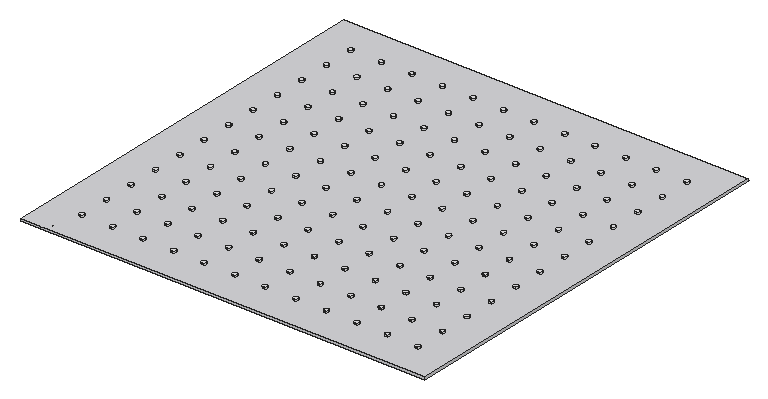
Revit family "Shower-Showerhead-KOHLER-Katalyst-K-9301M_1", category Plumbing Fixtures, host Face, Revit 2017
Family settings
  Host = Face
  Round Connector Dimension = Use Diameter
  Part Type = Normal
  OmniClass Number = 23.31.17.00
  OmniClass Title = Showers
  Cut with Voids When Loaded = No
  Shared = No
  Room Calculation Point = No
Parameters (values of type "CP-Polished Chrome")
  Width = 15 15/128"  # constant formula
  WaterSense Certified = 1 = 0  # no
  Waste Water Outlet = "Waste Water Outlet"  # constant formula
  Waste Connection = 1 = 0  # no
  Vent Connection = 1 = 0  # no
  URL = "https://la.kohler.com/es?country=MX"
  Type = 1
  Tempered Water Inlet = "Tempered Water Inlet"  # constant formula
  Product Page URL = "https://la.kohler.com/es/product-detail/9301m-cl?skuid=K-9301M-CL-CP"
  Product Name = "Katalyst"  # constant formula
  Product Documentation Link = "http://resources.kohler.com/plumbing/kohlerla/pdf/9301M-CL%20Katalyst%20Air%20Showerhead%20Install%20Guide.pdf"
  Pressure = 0.00 psi
  Panel Thickness = 0"
  Model = "K-9301M-CL-CP"  # constant formula
  Material = "Premium Metal Construction"  # constant formula
  Master Format 2014 Name = "Residential Showers"  # constant formula
  Master Format 2014 = "22 42 23"  # constant formula
  Manufacturer Address = "KOHLER Co.444 Highland Dr. Kohler, WI 53044"  # constant formula
  Manufacturer = "KOHLER Co."  # constant formula
  Length = 15 15/128"  # constant formula
  Hot Water Inlet = "Hot Water Inlet"  # constant formula
  Height = 2 103/256"  # constant formula
  HW Connection = 1 = 1  # yes
  Flow Rate = 0 GPM
  Finish = Kohler-Metal-CP-Polished_Chrome
  Environmental Product Declaration = ""
  Drain Included = 1 = 0  # no
  Description = "Air shower head"  # constant formula
  Default Elevation = 0"
  Declare Label = ""
  Date Modified = "11/05/2020"  # constant formula
  Date Created = "11/05/2020"  # constant formula
  Copyright = "Copyright KOHLER Co."  # constant formula
  Contact Us = "https://la.kohler.com/es/contact-us-page"
  Cold Water Inlet = "Cold Water Inlet"  # constant formula
  CW Connection = 1 = 0  # no
  Assembly Code = "D2010700"
  ADA Compliant = 1 = 0  # no
Reference planes (in)
  plane 1 "Center (Front/Back)": y = 0
  plane 2: z = 0
  plane 3 "Center (Left/Right)": x = 0
  plane 4: y = 7.55906
  plane 5: z = 2.40234
  plane 6: y = -7.55813
  plane 7: y = 0.49606
  plane 8: y = -0.49606
  plane 9: x = -0.49609
  plane 10: x = 0.49609
  plane 11: x = -7.55906
  plane 12: x = 7.55813
Dimensions and locks (in)
  "Width": plane 11 to plane 12
  "Length": plane 6 to plane 4
  "Height": plane 5 to level
  aligned and locked: plane 2 to host face
  aligned and locked: level to host face
Automatic sketch dimensions
  host sketch curve to host sketch curve = 96"  (x2)
Nested families (in)
  nested 1: "K-9301M" at (0, 0, 0), type "K-9301M"
Connectors (in)
  piping at (0, 0, 0), diameter 0.5, driven by "HW Connection", driven by "Tempered Water Inlet"
    settings: on nested 1, index 1, connector inside diameter 24", connector length 0", flow factor 0, pipe flow 0 GPM, pressure drop 0.00 psi, fitting loss kfactor 0, connector angle 0.00°, fixture units 0, engagement length 0", angle of deflection 0.00°, flow configuration 0, flow direction 1, fitting loss method 0, system type 19, joint type 0, gender type 0, connector reference index -1, connector utility 1, adjustable connector no, is connector primary yes, connector description "Tempered Water Inlet"
Definition of nested family "K-9301M"
  Parameters (values of type "K-9301M")
    Material = none
  Reference planes (in)
    plane 1 "Center (Front/Back)": y = 0
    plane 2: z = 0
    plane 3 "Center (Left/Right)": x = 0
    plane 4: y = 0.49606
    plane 5: y = -0.49606
    plane 6: z = 2.40159
    plane 7: y = 7.55906
    plane 8: y = -7.55906
    plane 9: x = -7.55906
    plane 10: x = 7.55906
    plane 11: x = -0.49609
    plane 12: x = 0.49609
  Forms (in)
    Revolve 1, solid, material <- "Material", detail levels medium+fine
      sketch origin (0, 0, 0) x (0, 1, 0) y (0, 0, 1)
        loop
          line (0, 0) -> (0, 2.06693) -> (-0.7185, 2.06693) -> (-0.7185, 0.98819) -> (-0.44205, 0.98819)
          arc (-0.44205, 0.98819) -> (-0.3934, 0.92375) -> (-0.33489, 0.86809) r 0.49361
          arc (-0.33489, 0.86809) -> (-0.30972, 0.80361) -> (-0.3526, 0.74926) r 0.06965
          arc (-0.3526, 0.74926) -> (-0.45684, 0.665) -> (-0.49606, 0.53684) r 0.22899
          line (-0.49606, 0.53684) -> (-0.49606, 0.01986)
          arc (-0.49606, 0.01986) -> (-0.49025, 0.00582) -> (-0.4762, 0) r 0.01986
          line (-0.4762, 0) -> (0, 0)
        axis (0, 2.06693) -> (0, 0)
      angle from 0 to 360
    Extrusion 2, solid, material <- "Material", detail levels medium+fine
      sketch origin (0, 0, 0) x (0, 1, 0) y (0, 0, 1)
        loop
          line (6.92913, 2.32283) -> (-6.92913, 2.32283) -> (-6.92913, 2.12297)
          arc (-6.92913, 2.12297) -> (-6.91272, 2.08334) -> (-6.8731, 2.06693) r 0.05604
          line (-6.8731, 2.06693) -> (6.8731, 2.06693)
          arc (6.8731, 2.06693) -> (6.91272, 2.08334) -> (6.92913, 2.12297) r 0.05604
          line (6.92913, 2.12297) -> (6.92913, 2.32283)
      from -6.92913 to 6.92913
    Extrusion 3, solid, material <- "Material", detail levels medium+fine
      sketch origin (0, 0, 0) x (1, 0, 0) y (0, 0, 1)
        loop
          line (-7.55906, 2.32283) -> (7.55906, 2.32283) -> (7.55906, 2.40159) -> (-7.55906, 2.40159) -> (-7.55906, 2.32283)
      from -7.55906 to 7.55906
    Extrusion 4, solid, detail levels medium+fine
      sketch origin (0, 0, 0) x (1, 0, 0) y (0, 1, 0)
        loop
          circle (-0.57052, 6.28093) r 0.08381
        loop
          circle (-1.71358, 6.28093) r 0.08381
        loop
          circle (-2.85405, 6.28093) r 0.08381
        loop
          circle (-4.00018, 6.28093) r 0.08381
        loop
          circle (-5.13738, 6.28093) r 0.08381
        loop
          circle (-6.28188, 6.28093) r 0.08381
        loop
          circle (-6.28188, 5.13698) r 0.08381
        loop
          circle (-5.13743, 5.13698) r 0.08381
        loop
          circle (-3.99214, 5.13698) r 0.08381
        loop
          circle (-2.8546, 5.13698) r 0.08381
        loop
          circle (-1.71395, 5.13698) r 0.08381
        loop
          circle (-0.5698, 5.13698) r 0.08381
        loop
          circle (-0.5698, 3.98727) r 0.08381
        loop
          circle (-1.71268, 3.98727) r 0.08381
        loop
          circle (-2.85685, 3.98727) r 0.08381
        loop
          circle (-3.99496, 3.98727) r 0.08381
        loop
          circle (-5.13601, 3.98727) r 0.08381
        loop
          circle (-6.27903, 3.98727) r 0.08381
        loop
          circle (-6.27903, 2.84953) r 0.08381
        loop
          circle (-5.13782, 2.84953) r 0.08381
        loop
          circle (-3.99267, 2.84953) r 0.08381
        loop
          circle (-2.85369, 2.84953) r 0.08381
        loop
          circle (-1.70991, 2.84953) r 0.08381
        loop
          circle (-0.57088, 2.84953) r 0.08381
        loop
          circle (-0.57088, 1.70925) r 0.08381
        loop
          circle (-1.71034, 1.70925) r 0.08381
        loop
          circle (-2.85346, 1.70925) r 0.08381
        loop
          circle (-3.99568, 1.70925) r 0.08381
        loop
          circle (-5.13657, 1.70925) r 0.08381
        loop
          circle (-6.27901, 1.70925) r 0.08381
        loop
          circle (-6.27901, 0.56971) r 0.08381
        loop
          circle (-5.13921, 0.56971) r 0.08381
        loop
          circle (-3.9962, 0.56971) r 0.08381
        loop
          circle (-2.84787, 0.56971) r 0.08381
        loop
          circle (-1.70725, 0.56971) r 0.08381
        loop
          circle (-0.57244, 0.56971) r 0.08381
        loop
          circle (-0.57244, -0.5744) r 0.08381
        loop
          circle (-1.71575, -0.5744) r 0.08381
        loop
          circle (-2.85712, -0.5744) r 0.08381
        loop
          circle (-3.99316, -0.5744) r 0.08381
        loop
          circle (-5.1314, -0.5744) r 0.08381
        loop
          circle (-6.27895, -0.5744) r 0.08381
        loop
          circle (-0.57052, -6.28093) r 0.08381
        loop
          circle (-1.71358, -6.28093) r 0.08381
        loop
          circle (-2.85405, -6.28093) r 0.08381
        loop
          circle (-4.00018, -6.28093) r 0.08381
        loop
          circle (-5.13738, -6.28093) r 0.08381
        loop
          circle (-6.28188, -6.28093) r 0.08381
        loop
          circle (-6.28188, -5.13698) r 0.08381
        loop
          circle (-5.13743, -5.13698) r 0.08381
        loop
          circle (-3.99214, -5.13698) r 0.08381
        loop
          circle (-2.8546, -5.13698) r 0.08381
        loop
          circle (-1.71395, -5.13698) r 0.08381
        loop
          circle (-0.5698, -5.13698) r 0.08381
        loop
          circle (-0.5698, -3.98727) r 0.08381
        loop
          circle (-1.71268, -3.98727) r 0.08381
        loop
          circle (-2.85685, -3.98727) r 0.08381
        loop
          circle (-3.99496, -3.98727) r 0.08381
        loop
          circle (-5.13601, -3.98727) r 0.08381
        loop
          circle (-6.27903, -3.98727) r 0.08381
        loop
          circle (-6.27903, -2.84953) r 0.08381
        loop
          circle (-5.13782, -2.84953) r 0.08381
        loop
          circle (-3.99267, -2.84953) r 0.08381
        loop
          circle (-2.85369, -2.84953) r 0.08381
        loop
          circle (-1.70991, -2.84953) r 0.08381
        loop
          circle (-0.57088, -2.84953) r 0.08381
        loop
          circle (-0.57088, -1.70925) r 0.08381
        loop
          circle (-1.71034, -1.70925) r 0.08381
        loop
          circle (-2.85346, -1.70925) r 0.08381
        loop
          circle (-3.99568, -1.70925) r 0.08381
        loop
          circle (-5.13657, -1.70925) r 0.08381
        loop
          circle (-6.27901, -1.70925) r 0.08381
        loop
          circle (0.57052, 6.28093) r 0.08381
        loop
          circle (1.71358, 6.28093) r 0.08381
        loop
          circle (2.85405, 6.28093) r 0.08381
        loop
          circle (4.00018, 6.28093) r 0.08381
        loop
          circle (5.13738, 6.28093) r 0.08381
        loop
          circle (6.28188, 6.28093) r 0.08381
        loop
          circle (6.28188, 5.13698) r 0.08381
        loop
          circle (5.13743, 5.13698) r 0.08381
        loop
          circle (3.99214, 5.13698) r 0.08381
        loop
          circle (2.8546, 5.13698) r 0.08381
        loop
          circle (1.71395, 5.13698) r 0.08381
        loop
          circle (0.5698, 5.13698) r 0.08381
        loop
          circle (0.5698, 3.98727) r 0.08381
        loop
          circle (1.71268, 3.98727) r 0.08381
        loop
          circle (2.85685, 3.98727) r 0.08381
        loop
          circle (3.99496, 3.98727) r 0.08381
        loop
          circle (5.13601, 3.98727) r 0.08381
        loop
          circle (6.27903, 3.98727) r 0.08381
        loop
          circle (6.27903, 2.84953) r 0.08381
        loop
          circle (5.13782, 2.84953) r 0.08381
        loop
          circle (3.99267, 2.84953) r 0.08381
        loop
          circle (2.85369, 2.84953) r 0.08381
        loop
          circle (1.70991, 2.84953) r 0.08381
        loop
          circle (0.57088, 2.84953) r 0.08381
        loop
          circle (0.57088, 1.70925) r 0.08381
        loop
          circle (1.71034, 1.70925) r 0.08381
        loop
          circle (2.85346, 1.70925) r 0.08381
        loop
          circle (3.99568, 1.70925) r 0.08381
        loop
          circle (5.13657, 1.70925) r 0.08381
        loop
          circle (6.27901, 1.70925) r 0.08381
        loop
          circle (6.27901, 0.56971) r 0.08381
        loop
          circle (5.13921, 0.56971) r 0.08381
        loop
          circle (3.9962, 0.56971) r 0.08381
        loop
          circle (2.84787, 0.56971) r 0.08381
        loop
          circle (1.70725, 0.56971) r 0.08381
        loop
          circle (0.57244, 0.56971) r 0.08381
        loop
          circle (0.57244, -0.5744) r 0.08381
        loop
          circle (1.71575, -0.5744) r 0.08381
        loop
          circle (2.85712, -0.5744) r 0.08381
        loop
          circle (3.99316, -0.5744) r 0.08381
        loop
          circle (5.1314, -0.5744) r 0.08381
        loop
          circle (6.27895, -0.5744) r 0.08381
        loop
          circle (0.57052, -6.28093) r 0.08381
        loop
          circle (1.71358, -6.28093) r 0.08381
        loop
          circle (2.85405, -6.28093) r 0.08381
        loop
          circle (4.00018, -6.28093) r 0.08381
        loop
          circle (5.13738, -6.28093) r 0.08381
        loop
          circle (6.28188, -6.28093) r 0.08381
        loop
          circle (6.28188, -5.13698) r 0.08381
        loop
          circle (5.13743, -5.13698) r 0.08381
        loop
          circle (3.99214, -5.13698) r 0.08381
        loop
          circle (2.8546, -5.13698) r 0.08381
        loop
          circle (1.71395, -5.13698) r 0.08381
        loop
          circle (0.5698, -5.13698) r 0.08381
        loop
          circle (0.5698, -3.98727) r 0.08381
        loop
          circle (1.71268, -3.98727) r 0.08381
        loop
          circle (2.85685, -3.98727) r 0.08381
        loop
          circle (3.99496, -3.98727) r 0.08381
        loop
          circle (5.13601, -3.98727) r 0.08381
        loop
          circle (6.27903, -3.98727) r 0.08381
        loop
          circle (6.27903, -2.84953) r 0.08381
        loop
          circle (5.13782, -2.84953) r 0.08381
        loop
          circle (3.99267, -2.84953) r 0.08381
        loop
          circle (2.85369, -2.84953) r 0.08381
        loop
          circle (1.70991, -2.84953) r 0.08381
        loop
          circle (0.57088, -2.84953) r 0.08381
        loop
          circle (0.57088, -1.70925) r 0.08381
        loop
          circle (1.71034, -1.70925) r 0.08381
        loop
          circle (2.85346, -1.70925) r 0.08381
        loop
          circle (3.99568, -1.70925) r 0.08381
        loop
          circle (5.13657, -1.70925) r 0.08381
        loop
          circle (6.27901, -1.70925) r 0.08381
      from 2.25866 to 2.43036
    Extrusion 5, void
      sketch origin (0, 0, 0) x (0, 1, 0) y (0, 0, 1)
        loop
          line (0.19852, 0.16897) -> (0.19852, 0.53681)
          arc (0.19852, 0.53681) -> (0.18724, 0.58248) -> (0.15601, 0.61766) r 0.09816
          arc (0.15601, 0.61766) -> (0.08169, 0.65443) -> (0, 0.66867) r 0.29005
          arc (0, 0.66867) -> (-0.08169, 0.65443) -> (-0.15601, 0.61766) r 0.29005
          arc (-0.15601, 0.61766) -> (-0.18724, 0.58248) -> (-0.19852, 0.53681) r 0.09816
          line (-0.19852, 0.53681) -> (-0.19852, 0.16897)
          arc (-0.19852, 0.16897) -> (0, 0.12746) -> (0.19852, 0.16897) r 0.49544
      from 0.4315 to 0.68898
    Extrusion 6, void
      sketch origin (0, 0, 0) x (0, 1, 0) y (0, 0, 1)
        loop
          line (-0.20327, 1.46143) -> (-0.20327, 0.98819) -> (0.20551, 0.98819) -> (0.20551, 1.46143) -> (-0.20327, 1.46143)
      from 0.65066 to 1.01107
    Extrusion 7, void
      sketch origin (0, 0, 0) x (0, 1, 0) y (0, 0, 1)
        loop
          arc (0.19852, 0.53684) -> (0.18774, 0.58017) -> (0.15793, 0.61341) r 0.09254
          arc (0.15793, 0.61341) -> (0.0826, 0.65055) -> (0, 0.66575) r 0.30515
          arc (0, 0.66575) -> (-0.0826, 0.65055) -> (-0.15793, 0.61341) r 0.30515
          arc (-0.15793, 0.61341) -> (-0.18932, 0.57706) -> (-0.19825, 0.52987) r 0.09254
          line (-0.19825, 0.52987) -> (-0.19825, 0.16774)
          arc (-0.19825, 0.16774) -> (0.00014, 0.12745) -> (0.19852, 0.16785) r 0.50786
          line (0.19852, 0.16785) -> (0.19852, 0.53684)
      from -0.75336 to -0.46987
    Extrusion 8, void
      sketch origin (0, 0, 0) x (0, 1, 0) y (0, 0, 1)
        loop
          line (0.20386, 1.46462) -> (-0.20426, 1.46462) -> (-0.20426, 0.98819) -> (0.20386, 0.98819) -> (0.20386, 1.46462)
      from -0.91154 to -0.64986
    Revolve 9, solid, material <- "Material", detail levels coarse
      sketch origin (0, 0, 0) x (0, 1, 0) y (0, 0, 1)
        loop
          line (0, 0) -> (0.54127, 0) -> (0.54127, 0.59055)
          arc (0.54127, 0.59055) -> (0.49577, 0.78937) -> (0.54127, 0.98819) r 0.45715
          line (0.54127, 0.98819) -> (0.76119, 0.98819) -> (0.76119, 2.11735) -> (0, 2.11735) -> (0, 0)
        axis (0, 2.11735) -> (0, 0)
      angle from 0 to 360
    Extrusion 10, solid, material <- "Material", detail levels coarse
      sketch origin (0, 0, 0) x (0, 1, 0) y (0, 0, 1)
        loop
          line (0, 2.06693) -> (7.67717, 2.06693) -> (7.67717, 2.53878) -> (0, 2.53878) -> (-7.67717, 2.53878) -> (-7.67717, 2.06693) -> (0, 2.06693)
      from -7.55906 to 7.55906
    Extrusion 11, solid, material <- "Material"
      sketch origin (0, 0, 0) x (1, 0, 0) y (0, 1, 0)
        loop
          circle (0, 0) r 0.11875
      from 0 to 0.07029
  Cuts and joins
    Extrusion 5, Extrusion 6, Extrusion 7, Extrusion 8 cuts Revolve 1
    joined: Revolve 1, Extrusion 2, Extrusion 3
  Lines and regions (in)
    Masking region 1
      outline origin (0, 0, 0) x (0, 1, 0) y (0, 0, 1)
        loop
          line (0, 0) -> (0.47576, 0)
          arc (0.47576, 0) -> (0.49021, 0.00604) -> (0.49606, 0.02056) r 0.0203
          line (0.49606, 0.02056) -> (0.49606, 0.55063)
          arc (0.49606, 0.55063) -> (0.48573, 0.61182) -> (0.45587, 0.66623) r 0.18633
          arc (0.45587, 0.66623) -> (0.41889, 0.71048) -> (0.36992, 0.74094) r 0.18191
          arc (0.36992, 0.74094) -> (0.35401, 0.7489) -> (0.33821, 0.7571) r 1.21804
          arc (0.33821, 0.7571) -> (0.30933, 0.81446) -> (0.33821, 0.87181) r 0.0714
          arc (0.33821, 0.87181) -> (0.3961, 0.92468) -> (0.44205, 0.98819) r 0.38408
          line (0.44205, 0.98819) -> (0.7185, 0.98819) -> (0.7185, 2.06693) -> (6.8731, 2.06693)
          arc (6.8731, 2.06693) -> (6.91272, 2.08334) -> (6.92913, 2.12297) r 0.05604
          line (6.92913, 2.12297) -> (6.92913, 2.32283) -> (7.55906, 2.32283) -> (7.55906, 2.40159) -> (6.36459, 2.40159) -> (6.36459, 2.43284) -> (6.19668, 2.43284) -> (6.19668, 2.40159) -> (5.22081, 2.40159) -> (5.22081, 2.43349) -> (5.05283, 2.43349) -> (5.05283, 2.40159) -> (4.07111, 2.40159) -> (4.07111, 2.43294) -> (3.90336, 2.43294) -> (3.90336, 2.40159) -> (2.93357, 2.40159) -> (2.93357, 2.4334) -> (2.76546, 2.4334) -> (2.76546, 2.40159) -> (1.79296, 2.40159) -> (1.79296, 2.43549) -> (1.62546, 2.43549) -> (1.62546, 2.40159) -> (0.65318, 2.40159) -> (0.65318, 2.433) -> (0.48349, 2.433) -> (0.48349, 2.40159) -> (0, 2.40159) -> (-0.48349, 2.40159) -> (-0.48349, 2.433) -> (-0.65318, 2.433) -> (-0.65318, 2.40159) -> (-1.62546, 2.40159) -> (-1.62546, 2.43549) -> (-1.79296, 2.43549) -> (-1.79296, 2.40159) -> (-2.76546, 2.40159) -> (-2.76546, 2.4334) -> (-2.93357, 2.4334) -> (-2.93357, 2.40159) -> (-3.90336, 2.40159) -> (-3.90336, 2.43294) -> (-4.07111, 2.43294) -> (-4.07111, 2.40159) -> (-5.05283, 2.40159) -> (-5.05283, 2.43349) -> (-5.22081, 2.43349) -> (-5.22081, 2.40159) -> (-6.19668, 2.40159) -> (-6.19668, 2.43284) -> (-6.36459, 2.43284) -> (-6.36459, 2.40159) -> (-7.55906, 2.40159) -> (-7.55906, 2.32283) -> (-6.92913, 2.32283) -> (-6.92913, 2.12297)
          arc (-6.92913, 2.12297) -> (-6.91272, 2.08334) -> (-6.8731, 2.06693) r 0.05604
          line (-6.8731, 2.06693) -> (-0.7185, 2.06693) -> (-0.7185, 0.98819) -> (-0.44205, 0.98819)
          arc (-0.44205, 0.98819) -> (-0.3961, 0.92468) -> (-0.33821, 0.87181) r 0.38408
          arc (-0.33821, 0.87181) -> (-0.30933, 0.81446) -> (-0.33821, 0.7571) r 0.0714
          arc (-0.33821, 0.7571) -> (-0.35401, 0.7489) -> (-0.36992, 0.74094) r 1.21804
          arc (-0.36992, 0.74094) -> (-0.41889, 0.71048) -> (-0.45587, 0.66623) r 0.18191
          arc (-0.45587, 0.66623) -> (-0.48573, 0.61182) -> (-0.49606, 0.55063) r 0.18633
          line (-0.49606, 0.55063) -> (-0.49606, 0.02056)
          arc (-0.49606, 0.02056) -> (-0.49021, 0.00604) -> (-0.47576, 0) r 0.0203
          line (-0.47576, 0) -> (0, 0)
    Masking region 2
      outline origin (0, 0, 0) x (1, 0, 0) y (0, 0, 1)
        loop
          line (-0.46987, 0.15308) -> (-0.49609, 0.12686) -> (-0.49609, 0.02025)
          arc (-0.49609, 0.02025) -> (-0.48843, 0.00379) -> (-0.47069, 0) r 0.02034
          line (-0.47069, 0) -> (0, 0) -> (0.47069, 0)
          arc (0.47069, 0) -> (0.48843, 0.00379) -> (0.49609, 0.02025) r 0.02034
          line (0.49609, 0.02025) -> (0.49609, 0.12686) -> (0.46987, 0.15308) -> (0.46987, 0.64318)
          arc (0.46987, 0.64318) -> (0.43088, 0.69828) -> (0.37579, 0.73727) r 0.19998
          arc (0.37579, 0.73727) -> (0.3571, 0.74691) -> (0.33902, 0.75765) r 0.35118
          arc (0.33902, 0.75765) -> (0.30824, 0.80932) -> (0.33153, 0.86477) r 0.06673
          arc (0.33153, 0.86477) -> (0.39117, 0.9228) -> (0.44266, 0.98819) r 0.63045
          line (0.44266, 0.98819) -> (0.68886, 0.98819) -> (0.68886, 1.46462) -> (0.72431, 1.46462) -> (0.72431, 2.06693) -> (6.92913, 2.06693) -> (6.92913, 2.32283) -> (7.55906, 2.32283) -> (7.55906, 2.40159) -> (6.36587, 2.40159) -> (6.36587, 2.43319) -> (6.19504, 2.43319) -> (6.19504, 2.40159) -> (5.22291, 2.40159) -> (5.22291, 2.43369) -> (5.04642, 2.43369) -> (5.04642, 2.40159) -> (4.08397, 2.40159) -> (4.08397, 2.43236) -> (3.90744, 2.43236) -> (3.90744, 2.40159) -> (2.94094, 2.40159) -> (2.94094, 2.43288) -> (2.76401, 2.43288) -> (2.76401, 2.40159) -> (1.79951, 2.40159) -> (1.79951, 2.4328) -> (1.62193, 2.4328) -> (1.62193, 2.40159) -> (0.65612, 2.40159) -> (0.65612, 2.43291) -> (0.48315, 2.43291) -> (0.48315, 2.40159) -> (0, 2.40159) -> (-0.48315, 2.40159) -> (-0.48315, 2.43291) -> (-0.65612, 2.43291) -> (-0.65612, 2.40159) -> (-1.62193, 2.40159) -> (-1.62193, 2.4328) -> (-1.79951, 2.4328) -> (-1.79951, 2.40159) -> (-2.76401, 2.40159) -> (-2.76401, 2.43288) -> (-2.94094, 2.43288) -> (-2.94094, 2.40159) -> (-3.90744, 2.40159) -> (-3.90744, 2.43236) -> (-4.08397, 2.43236) -> (-4.08397, 2.40159) -> (-5.04642, 2.40159) -> (-5.04642, 2.43369) -> (-5.22291, 2.43369) -> (-5.22291, 2.40159) -> (-6.19504, 2.40159) -> (-6.19504, 2.43319) -> (-6.36587, 2.43319) -> (-6.36587, 2.40159) -> (-7.55906, 2.40159) -> (-7.55906, 2.32283) -> (-6.92913, 2.32283) -> (-6.92913, 2.06693) -> (-0.72431, 2.06693) -> (-0.72431, 1.46462) -> (-0.68886, 1.46462) -> (-0.68886, 0.98819) -> (-0.44266, 0.98819)
          arc (-0.44266, 0.98819) -> (-0.39117, 0.9228) -> (-0.33153, 0.86477) r 0.63045
          arc (-0.33153, 0.86477) -> (-0.30824, 0.80932) -> (-0.33902, 0.75765) r 0.06673
          arc (-0.33902, 0.75765) -> (-0.3571, 0.74691) -> (-0.37579, 0.73727) r 0.35118
          arc (-0.37579, 0.73727) -> (-0.43088, 0.69828) -> (-0.46987, 0.64318) r 0.19998
          line (-0.46987, 0.64318) -> (-0.46987, 0.15308)
    Masking region 3
      outline origin (0, 0, 0) x (1, 0, 0) y (0, 1, 0)
        loop
          line (7.55906, 7.55906) -> (-7.55906, 7.55906) -> (-7.55906, -7.55906) -> (7.55906, -7.55906) -> (7.55906, 7.55906)
    symbolic lines, detail levels medium+fine
      curve 1: arc (-6.19806, 6.28093, 0) -> (-6.28188, 6.36475, 0) -> (-6.36569, 6.28093, 0) r 0.08381
      curve 2: arc (-6.36569, 6.28093, 0) -> (-6.28188, 6.19712, 0) -> (-6.19806, 6.28093, 0) r 0.08381
      curve 3: arc (-5.05356, 6.28093, 0) -> (-5.13738, 6.36475, 0) -> (-5.22119, 6.28093, 0) r 0.08381
      curve 4: arc (-5.22119, 6.28093, 0) -> (-5.13738, 6.19712, 0) -> (-5.05356, 6.28093, 0) r 0.08381
      curve 5: arc (-3.91637, 6.28093, 0) -> (-4.00018, 6.36475, 0) -> (-4.084, 6.28093, 0) r 0.08381
      curve 6: arc (-4.084, 6.28093, 0) -> (-4.00018, 6.19712, 0) -> (-3.91637, 6.28093, 0) r 0.08381
      curve 7: arc (-2.77023, 6.28093, 0) -> (-2.85405, 6.36475, 0) -> (-2.93786, 6.28093, 0) r 0.08381
      curve 8: arc (-2.93786, 6.28093, 0) -> (-2.85405, 6.19712, 0) -> (-2.77023, 6.28093, 0) r 0.08381
      curve 9: arc (-1.62976, 6.28093, 0) -> (-1.71358, 6.36475, 0) -> (-1.79739, 6.28093, 0) r 0.08381
      curve 10: arc (-1.79739, 6.28093, 0) -> (-1.71358, 6.19712, 0) -> (-1.62976, 6.28093, 0) r 0.08381
      curve 11: arc (-0.48671, 6.28093, 0) -> (-0.57052, 6.36475, 0) -> (-0.65433, 6.28093, 0) r 0.08381
      curve 12: arc (-0.65433, 6.28093, 0) -> (-0.57052, 6.19712, 0) -> (-0.48671, 6.28093, 0) r 0.08381
      curve 13: arc (-6.19806, 5.13698, 0) -> (-6.28188, 5.22079, 0) -> (-6.36569, 5.13698, 0) r 0.08381
      curve 14: arc (-6.36569, 5.13698, 0) -> (-6.28188, 5.05316, 0) -> (-6.19806, 5.13698, 0) r 0.08381
      curve 15: arc (-5.05361, 5.13698, 0) -> (-5.13743, 5.22079, 0) -> (-5.22124, 5.13698, 0) r 0.08381
      curve 16: arc (-5.22124, 5.13698, 0) -> (-5.13743, 5.05316, 0) -> (-5.05361, 5.13698, 0) r 0.08381
      curve 17: arc (-3.90832, 5.13698, 0) -> (-3.99214, 5.22079, 0) -> (-4.07595, 5.13698, 0) r 0.08381
      curve 18: arc (-4.07595, 5.13698, 0) -> (-3.99214, 5.05316, 0) -> (-3.90832, 5.13698, 0) r 0.08381
      curve 19: arc (-2.77079, 5.13698, 0) -> (-2.8546, 5.22079, 0) -> (-2.93842, 5.13698, 0) r 0.08381
      curve 20: arc (-2.93842, 5.13698, 0) -> (-2.8546, 5.05316, 0) -> (-2.77079, 5.13698, 0) r 0.08381
      curve 21: arc (-1.63014, 5.13698, 0) -> (-1.71395, 5.22079, 0) -> (-1.79777, 5.13698, 0) r 0.08381
      curve 22: arc (-1.79777, 5.13698, 0) -> (-1.71395, 5.05316, 0) -> (-1.63014, 5.13698, 0) r 0.08381
      curve 23: arc (-0.48598, 5.13698, 0) -> (-0.5698, 5.22079, 0) -> (-0.65361, 5.13698, 0) r 0.08381
      curve 24: arc (-0.65361, 5.13698, 0) -> (-0.5698, 5.05316, 0) -> (-0.48598, 5.13698, 0) r 0.08381
      curve 25: arc (-6.19522, 3.98727, 0) -> (-6.27903, 4.07109, 0) -> (-6.36285, 3.98727, 0) r 0.08381
      curve 26: arc (-6.36285, 3.98727, 0) -> (-6.27903, 3.90346, 0) -> (-6.19522, 3.98727, 0) r 0.08381
      curve 27: arc (-5.0522, 3.98727, 0) -> (-5.13601, 4.07109, 0) -> (-5.21983, 3.98727, 0) r 0.08381
      curve 28: arc (-5.21983, 3.98727, 0) -> (-5.13601, 3.90346, 0) -> (-5.0522, 3.98727, 0) r 0.08381
      curve 29: arc (-3.91114, 3.98727, 0) -> (-3.99496, 4.07109, 0) -> (-4.07877, 3.98727, 0) r 0.08381
      curve 30: arc (-4.07877, 3.98727, 0) -> (-3.99496, 3.90346, 0) -> (-3.91114, 3.98727, 0) r 0.08381
      curve 31: arc (-2.77304, 3.98727, 0) -> (-2.85685, 4.07109, 0) -> (-2.94067, 3.98727, 0) r 0.08381
      curve 32: arc (-2.94067, 3.98727, 0) -> (-2.85685, 3.90346, 0) -> (-2.77304, 3.98727, 0) r 0.08381
      curve 33: arc (-1.62887, 3.98727, 0) -> (-1.71268, 4.07109, 0) -> (-1.7965, 3.98727, 0) r 0.08381
      curve 34: arc (-1.7965, 3.98727, 0) -> (-1.71268, 3.90346, 0) -> (-1.62887, 3.98727, 0) r 0.08381
      curve 35: arc (-0.48598, 3.98727, 0) -> (-0.5698, 4.07109, 0) -> (-0.65361, 3.98727, 0) r 0.08381
      curve 36: arc (-0.65361, 3.98727, 0) -> (-0.5698, 3.90346, 0) -> (-0.48598, 3.98727, 0) r 0.08381
      curve 37: arc (-0.65469, 2.84953, 0) -> (-0.57088, 2.76571, 0) -> (-0.48706, 2.84953, 0) r 0.08381
      curve 38: arc (-0.48706, 2.84953, 0) -> (-0.57088, 2.93334, 0) -> (-0.65469, 2.84953, 0) r 0.08381
      curve 39: arc (-1.79372, 2.84953, 0) -> (-1.70991, 2.76571, 0) -> (-1.62609, 2.84953, 0) r 0.08381
      curve 40: arc (-1.62609, 2.84953, 0) -> (-1.70991, 2.93334, 0) -> (-1.79372, 2.84953, 0) r 0.08381
      curve 41: arc (-2.9375, 2.84953, 0) -> (-2.85369, 2.76571, 0) -> (-2.76987, 2.84953, 0) r 0.08381
      curve 42: arc (-2.76987, 2.84953, 0) -> (-2.85369, 2.93334, 0) -> (-2.9375, 2.84953, 0) r 0.08381
      curve 43: arc (-4.07649, 2.84953, 0) -> (-3.99267, 2.76571, 0) -> (-3.90886, 2.84953, 0) r 0.08381
      curve 44: arc (-3.90886, 2.84953, 0) -> (-3.99267, 2.93334, 0) -> (-4.07649, 2.84953, 0) r 0.08381
      curve 45: arc (-5.22164, 2.84953, 0) -> (-5.13782, 2.76571, 0) -> (-5.05401, 2.84953, 0) r 0.08381
      curve 46: arc (-5.05401, 2.84953, 0) -> (-5.13782, 2.93334, 0) -> (-5.22164, 2.84953, 0) r 0.08381
      curve 47: arc (-6.36285, 2.84953, 0) -> (-6.27903, 2.76571, 0) -> (-6.19522, 2.84953, 0) r 0.08381
      curve 48: arc (-6.19522, 2.84953, 0) -> (-6.27903, 2.93334, 0) -> (-6.36285, 2.84953, 0) r 0.08381
      curve 49: arc (-6.36283, 1.70925, 0) -> (-6.27901, 1.62544, 0) -> (-6.1952, 1.70925, 0) r 0.08381
      curve 50: arc (-6.1952, 1.70925, 0) -> (-6.27901, 1.79306, 0) -> (-6.36283, 1.70925, 0) r 0.08381
      curve 51: arc (-5.22038, 1.70925, 0) -> (-5.13657, 1.62544, 0) -> (-5.05275, 1.70925, 0) r 0.08381
      curve 52: arc (-5.05275, 1.70925, 0) -> (-5.13657, 1.79306, 0) -> (-5.22038, 1.70925, 0) r 0.08381
      curve 53: arc (-4.07949, 1.70925, 0) -> (-3.99568, 1.62544, 0) -> (-3.91187, 1.70925, 0) r 0.08381
      curve 54: arc (-3.91187, 1.70925, 0) -> (-3.99568, 1.79306, 0) -> (-4.07949, 1.70925, 0) r 0.08381
      curve 55: arc (-2.93727, 1.70925, 0) -> (-2.85346, 1.62544, 0) -> (-2.76964, 1.70925, 0) r 0.08381
      curve 56: arc (-2.76964, 1.70925, 0) -> (-2.85346, 1.79306, 0) -> (-2.93727, 1.70925, 0) r 0.08381
      curve 57: arc (-1.79416, 1.70925, 0) -> (-1.71034, 1.62544, 0) -> (-1.62653, 1.70925, 0) r 0.08381
      curve 58: arc (-1.62653, 1.70925, 0) -> (-1.71034, 1.79306, 0) -> (-1.79416, 1.70925, 0) r 0.08381
      curve 59: arc (-0.65469, 1.70925, 0) -> (-0.57088, 1.62544, 0) -> (-0.48706, 1.70925, 0) r 0.08381
      curve 60: arc (-0.48706, 1.70925, 0) -> (-0.57088, 1.79306, 0) -> (-0.65469, 1.70925, 0) r 0.08381
      curve 61: arc (-0.65626, 0.56971, 0) -> (-0.57244, 0.48589, 0) -> (-0.48863, 0.56971, 0) r 0.08381
      curve 62: arc (-0.48863, 0.56971, 0) -> (-0.57244, 0.65352, 0) -> (-0.65626, 0.56971, 0) r 0.08381
      curve 63: arc (-1.79107, 0.56971, 0) -> (-1.70725, 0.48589, 0) -> (-1.62344, 0.56971, 0) r 0.08381
      curve 64: arc (-1.62344, 0.56971, 0) -> (-1.70725, 0.65352, 0) -> (-1.79107, 0.56971, 0) r 0.08381
      curve 65: arc (-2.93169, 0.56971, 0) -> (-2.84787, 0.48589, 0) -> (-2.76406, 0.56971, 0) r 0.08381
      curve 66: arc (-2.76406, 0.56971, 0) -> (-2.84787, 0.65352, 0) -> (-2.93169, 0.56971, 0) r 0.08381
      curve 67: arc (-4.08002, 0.56971, 0) -> (-3.9962, 0.48589, 0) -> (-3.91239, 0.56971, 0) r 0.08381
      curve 68: arc (-3.91239, 0.56971, 0) -> (-3.9962, 0.65352, 0) -> (-4.08002, 0.56971, 0) r 0.08381
      curve 69: arc (-5.05539, 0.56971, 0) -> (-5.13921, 0.65352, 0) -> (-5.22302, 0.56971, 0) r 0.08381
      curve 70: arc (-5.22302, 0.56971, 0) -> (-5.13921, 0.48589, 0) -> (-5.05539, 0.56971, 0) r 0.08381
      curve 71: arc (-6.36283, 0.56971, 0) -> (-6.27901, 0.48589, 0) -> (-6.1952, 0.56971, 0) r 0.08381
      curve 72: arc (-6.1952, 0.56971, 0) -> (-6.27901, 0.65352, 0) -> (-6.36283, 0.56971, 0) r 0.08381
      curve 73: arc (-6.19806, -6.28093, 0) -> (-6.28188, -6.36475, 0) -> (-6.36569, -6.28093, 0) r 0.08381
      curve 74: arc (-6.36569, -6.28093, 0) -> (-6.28188, -6.19712, 0) -> (-6.19806, -6.28093, 0) r 0.08381
      curve 75: arc (-5.05356, -6.28093, 0) -> (-5.13738, -6.36475, 0) -> (-5.22119, -6.28093, 0) r 0.08381
      curve 76: arc (-5.22119, -6.28093, 0) -> (-5.13738, -6.19712, 0) -> (-5.05356, -6.28093, 0) r 0.08381
      curve 77: arc (-3.91637, -6.28093, 0) -> (-4.00018, -6.36475, 0) -> (-4.084, -6.28093, 0) r 0.08381
      curve 78: arc (-4.084, -6.28093, 0) -> (-4.00018, -6.19712, 0) -> (-3.91637, -6.28093, 0) r 0.08381
      curve 79: arc (-2.77023, -6.28093, 0) -> (-2.85405, -6.36475, 0) -> (-2.93786, -6.28093, 0) r 0.08381
      curve 80: arc (-2.93786, -6.28093, 0) -> (-2.85405, -6.19712, 0) -> (-2.77023, -6.28093, 0) r 0.08381
      curve 81: arc (-1.62976, -6.28093, 0) -> (-1.71358, -6.36475, 0) -> (-1.79739, -6.28093, 0) r 0.08381
      curve 82: arc (-1.79739, -6.28093, 0) -> (-1.71358, -6.19712, 0) -> (-1.62976, -6.28093, 0) r 0.08381
      curve 83: arc (-0.48671, -6.28093, 0) -> (-0.57052, -6.36475, 0) -> (-0.65433, -6.28093, 0) r 0.08381
      curve 84: arc (-0.65433, -6.28093, 0) -> (-0.57052, -6.19712, 0) -> (-0.48671, -6.28093, 0) r 0.08381
      curve 85: arc (-6.19806, -5.13698, 0) -> (-6.28188, -5.22079, 0) -> (-6.36569, -5.13698, 0) r 0.08381
      curve 86: arc (-6.36569, -5.13698, 0) -> (-6.28188, -5.05316, 0) -> (-6.19806, -5.13698, 0) r 0.08381
      curve 87: arc (-5.05361, -5.13698, 0) -> (-5.13743, -5.22079, 0) -> (-5.22124, -5.13698, 0) r 0.08381
      curve 88: arc (-5.22124, -5.13698, 0) -> (-5.13743, -5.05316, 0) -> (-5.05361, -5.13698, 0) r 0.08381
      curve 89: arc (-3.90832, -5.13698, 0) -> (-3.99214, -5.22079, 0) -> (-4.07595, -5.13698, 0) r 0.08381
      curve 90: arc (-4.07595, -5.13698, 0) -> (-3.99214, -5.05316, 0) -> (-3.90832, -5.13698, 0) r 0.08381
      curve 91: arc (-2.77079, -5.13698, 0) -> (-2.8546, -5.22079, 0) -> (-2.93842, -5.13698, 0) r 0.08381
      curve 92: arc (-2.93842, -5.13698, 0) -> (-2.8546, -5.05316, 0) -> (-2.77079, -5.13698, 0) r 0.08381
      curve 93: arc (-1.63014, -5.13698, 0) -> (-1.71395, -5.22079, 0) -> (-1.79777, -5.13698, 0) r 0.08381
      curve 94: arc (-1.79777, -5.13698, 0) -> (-1.71395, -5.05316, 0) -> (-1.63014, -5.13698, 0) r 0.08381
      curve 95: arc (-0.48598, -5.13698, 0) -> (-0.5698, -5.22079, 0) -> (-0.65361, -5.13698, 0) r 0.08381
      curve 96: arc (-0.65361, -5.13698, 0) -> (-0.5698, -5.05316, 0) -> (-0.48598, -5.13698, 0) r 0.08381
      curve 97: arc (-6.19522, -3.98727, 0) -> (-6.27903, -4.07109, 0) -> (-6.36285, -3.98727, 0) r 0.08381
      curve 98: arc (-6.36285, -3.98727, 0) -> (-6.27903, -3.90346, 0) -> (-6.19522, -3.98727, 0) r 0.08381
      curve 99: arc (-5.0522, -3.98727, 0) -> (-5.13601, -4.07109, 0) -> (-5.21983, -3.98727, 0) r 0.08381
      curve 100: arc (-5.21983, -3.98727, 0) -> (-5.13601, -3.90346, 0) -> (-5.0522, -3.98727, 0) r 0.08381
      curve 101: arc (-3.91114, -3.98727, 0) -> (-3.99496, -4.07109, 0) -> (-4.07877, -3.98727, 0) r 0.08381
      curve 102: arc (-4.07877, -3.98727, 0) -> (-3.99496, -3.90346, 0) -> (-3.91114, -3.98727, 0) r 0.08381
      curve 103: arc (-2.77304, -3.98727, 0) -> (-2.85685, -4.07109, 0) -> (-2.94067, -3.98727, 0) r 0.08381
      curve 104: arc (-2.94067, -3.98727, 0) -> (-2.85685, -3.90346, 0) -> (-2.77304, -3.98727, 0) r 0.08381
      curve 105: arc (-1.62887, -3.98727, 0) -> (-1.71268, -4.07109, 0) -> (-1.7965, -3.98727, 0) r 0.08381
      curve 106: arc (-1.7965, -3.98727, 0) -> (-1.71268, -3.90346, 0) -> (-1.62887, -3.98727, 0) r 0.08381
      curve 107: arc (-0.48598, -3.98727, 0) -> (-0.5698, -4.07109, 0) -> (-0.65361, -3.98727, 0) r 0.08381
      curve 108: arc (-0.65361, -3.98727, 0) -> (-0.5698, -3.90346, 0) -> (-0.48598, -3.98727, 0) r 0.08381
      curve 109: arc (-0.65469, -2.84953, 0) -> (-0.57088, -2.76571, 0) -> (-0.48706, -2.84953, 0) r 0.08381
      curve 110: arc (-0.48706, -2.84953, 0) -> (-0.57088, -2.93334, 0) -> (-0.65469, -2.84953, 0) r 0.08381
      curve 111: arc (-1.79372, -2.84953, 0) -> (-1.70991, -2.76571, 0) -> (-1.62609, -2.84953, 0) r 0.08381
      curve 112: arc (-1.62609, -2.84953, 0) -> (-1.70991, -2.93334, 0) -> (-1.79372, -2.84953, 0) r 0.08381
      curve 113: arc (-2.9375, -2.84953, 0) -> (-2.85369, -2.76571, 0) -> (-2.76987, -2.84953, 0) r 0.08381
      curve 114: arc (-2.76987, -2.84953, 0) -> (-2.85369, -2.93334, 0) -> (-2.9375, -2.84953, 0) r 0.08381
      curve 115: arc (-4.07649, -2.84953, 0) -> (-3.99267, -2.76571, 0) -> (-3.90886, -2.84953, 0) r 0.08381
      curve 116: arc (-3.90886, -2.84953, 0) -> (-3.99267, -2.93334, 0) -> (-4.07649, -2.84953, 0) r 0.08381
      curve 117: arc (-5.22164, -2.84953, 0) -> (-5.13782, -2.76571, 0) -> (-5.05401, -2.84953, 0) r 0.08381
      curve 118: arc (-5.05401, -2.84953, 0) -> (-5.13782, -2.93334, 0) -> (-5.22164, -2.84953, 0) r 0.08381
      curve 119: arc (-6.36285, -2.84953, 0) -> (-6.27903, -2.76571, 0) -> (-6.19522, -2.84953, 0) r 0.08381
      curve 120: arc (-6.19522, -2.84953, 0) -> (-6.27903, -2.93334, 0) -> (-6.36285, -2.84953, 0) r 0.08381
      curve 121: arc (-6.36283, -1.70925, 0) -> (-6.27901, -1.62544, 0) -> (-6.1952, -1.70925, 0) r 0.08381
      curve 122: arc (-6.1952, -1.70925, 0) -> (-6.27901, -1.79306, 0) -> (-6.36283, -1.70925, 0) r 0.08381
      curve 123: arc (-5.22038, -1.70925, 0) -> (-5.13657, -1.62544, 0) -> (-5.05275, -1.70925, 0) r 0.08381
      curve 124: arc (-5.05275, -1.70925, 0) -> (-5.13657, -1.79306, 0) -> (-5.22038, -1.70925, 0) r 0.08381
      curve 125: arc (-4.07949, -1.70925, 0) -> (-3.99568, -1.62544, 0) -> (-3.91187, -1.70925, 0) r 0.08381
      curve 126: arc (-3.91187, -1.70925, 0) -> (-3.99568, -1.79306, 0) -> (-4.07949, -1.70925, 0) r 0.08381
      curve 127: arc (-2.93727, -1.70925, 0) -> (-2.85346, -1.62544, 0) -> (-2.76964, -1.70925, 0) r 0.08381
      curve 128: arc (-2.76964, -1.70925, 0) -> (-2.85346, -1.79306, 0) -> (-2.93727, -1.70925, 0) r 0.08381
      curve 129: arc (-1.79416, -1.70925, 0) -> (-1.71034, -1.62544, 0) -> (-1.62653, -1.70925, 0) r 0.08381
      curve 130: arc (-1.62653, -1.70925, 0) -> (-1.71034, -1.79306, 0) -> (-1.79416, -1.70925, 0) r 0.08381
      curve 131: arc (-0.65469, -1.70925, 0) -> (-0.57088, -1.62544, 0) -> (-0.48706, -1.70925, 0) r 0.08381
      curve 132: arc (-0.48706, -1.70925, 0) -> (-0.57088, -1.79306, 0) -> (-0.65469, -1.70925, 0) r 0.08381
      curve 133: arc (-0.65626, -0.56971, 0) -> (-0.57244, -0.48589, 0) -> (-0.48863, -0.56971, 0) r 0.08381
      curve 134: arc (-0.48863, -0.56971, 0) -> (-0.57244, -0.65352, 0) -> (-0.65626, -0.56971, 0) r 0.08381
      curve 135: arc (-1.79107, -0.56971, 0) -> (-1.70725, -0.48589, 0) -> (-1.62344, -0.56971, 0) r 0.08381
      curve 136: arc (-1.62344, -0.56971, 0) -> (-1.70725, -0.65352, 0) -> (-1.79107, -0.56971, 0) r 0.08381
      curve 137: arc (-2.93169, -0.56971, 0) -> (-2.84787, -0.48589, 0) -> (-2.76406, -0.56971, 0) r 0.08381
      curve 138: arc (-2.76406, -0.56971, 0) -> (-2.84787, -0.65352, 0) -> (-2.93169, -0.56971, 0) r 0.08381
      curve 139: arc (-4.08002, -0.56971, 0) -> (-3.9962, -0.48589, 0) -> (-3.91239, -0.56971, 0) r 0.08381
      curve 140: arc (-3.91239, -0.56971, 0) -> (-3.9962, -0.65352, 0) -> (-4.08002, -0.56971, 0) r 0.08381
      curve 141: arc (-5.05539, -0.56971, 0) -> (-5.13921, -0.65352, 0) -> (-5.22302, -0.56971, 0) r 0.08381
      curve 142: arc (-5.22302, -0.56971, 0) -> (-5.13921, -0.48589, 0) -> (-5.05539, -0.56971, 0) r 0.08381
      curve 143: arc (-6.36283, -0.56971, 0) -> (-6.27901, -0.48589, 0) -> (-6.1952, -0.56971, 0) r 0.08381
      curve 144: arc (-6.1952, -0.56971, 0) -> (-6.27901, -0.65352, 0) -> (-6.36283, -0.56971, 0) r 0.08381
      curve 145: arc (6.19806, 6.28093, 0) -> (6.28188, 6.36475, 0) -> (6.36569, 6.28093, 0) r 0.08381
      curve 146: arc (6.36569, 6.28093, 0) -> (6.28188, 6.19712, 0) -> (6.19806, 6.28093, 0) r 0.08381
      curve 147: arc (5.05356, 6.28093, 0) -> (5.13738, 6.36475, 0) -> (5.22119, 6.28093, 0) r 0.08381
      curve 148: arc (5.22119, 6.28093, 0) -> (5.13738, 6.19712, 0) -> (5.05356, 6.28093, 0) r 0.08381
      curve 149: arc (3.91637, 6.28093, 0) -> (4.00018, 6.36475, 0) -> (4.084, 6.28093, 0) r 0.08381
      curve 150: arc (4.084, 6.28093, 0) -> (4.00018, 6.19712, 0) -> (3.91637, 6.28093, 0) r 0.08381
      curve 151: arc (2.77023, 6.28093, 0) -> (2.85405, 6.36475, 0) -> (2.93786, 6.28093, 0) r 0.08381
      curve 152: arc (2.93786, 6.28093, 0) -> (2.85405, 6.19712, 0) -> (2.77023, 6.28093, 0) r 0.08381
      curve 153: arc (1.62976, 6.28093, 0) -> (1.71358, 6.36475, 0) -> (1.79739, 6.28093, 0) r 0.08381
      curve 154: arc (1.79739, 6.28093, 0) -> (1.71358, 6.19712, 0) -> (1.62976, 6.28093, 0) r 0.08381
      curve 155: arc (0.48671, 6.28093, 0) -> (0.57052, 6.36475, 0) -> (0.65433, 6.28093, 0) r 0.08381
      curve 156: arc (0.65433, 6.28093, 0) -> (0.57052, 6.19712, 0) -> (0.48671, 6.28093, 0) r 0.08381
      curve 157: arc (6.19806, 5.13698, 0) -> (6.28188, 5.22079, 0) -> (6.36569, 5.13698, 0) r 0.08381
      curve 158: arc (6.36569, 5.13698, 0) -> (6.28188, 5.05316, 0) -> (6.19806, 5.13698, 0) r 0.08381
      curve 159: arc (5.05361, 5.13698, 0) -> (5.13743, 5.22079, 0) -> (5.22124, 5.13698, 0) r 0.08381
      curve 160: arc (5.22124, 5.13698, 0) -> (5.13743, 5.05316, 0) -> (5.05361, 5.13698, 0) r 0.08381
      curve 161: arc (3.90832, 5.13698, 0) -> (3.99214, 5.22079, 0) -> (4.07595, 5.13698, 0) r 0.08381
      curve 162: arc (4.07595, 5.13698, 0) -> (3.99214, 5.05316, 0) -> (3.90832, 5.13698, 0) r 0.08381
      curve 163: arc (2.77079, 5.13698, 0) -> (2.8546, 5.22079, 0) -> (2.93842, 5.13698, 0) r 0.08381
      curve 164: arc (2.93842, 5.13698, 0) -> (2.8546, 5.05316, 0) -> (2.77079, 5.13698, 0) r 0.08381
      curve 165: arc (1.63014, 5.13698, 0) -> (1.71395, 5.22079, 0) -> (1.79777, 5.13698, 0) r 0.08381
      curve 166: arc (1.79777, 5.13698, 0) -> (1.71395, 5.05316, 0) -> (1.63014, 5.13698, 0) r 0.08381
      curve 167: arc (0.48598, 5.13698, 0) -> (0.5698, 5.22079, 0) -> (0.65361, 5.13698, 0) r 0.08381
      curve 168: arc (0.65361, 5.13698, 0) -> (0.5698, 5.05316, 0) -> (0.48598, 5.13698, 0) r 0.08381
      curve 169: arc (6.19522, 3.98727, 0) -> (6.27903, 4.07109, 0) -> (6.36285, 3.98727, 0) r 0.08381
      curve 170: arc (6.36285, 3.98727, 0) -> (6.27903, 3.90346, 0) -> (6.19522, 3.98727, 0) r 0.08381
      curve 171: arc (5.0522, 3.98727, 0) -> (5.13601, 4.07109, 0) -> (5.21983, 3.98727, 0) r 0.08381
      curve 172: arc (5.21983, 3.98727, 0) -> (5.13601, 3.90346, 0) -> (5.0522, 3.98727, 0) r 0.08381
      curve 173: arc (3.91114, 3.98727, 0) -> (3.99496, 4.07109, 0) -> (4.07877, 3.98727, 0) r 0.08381
      curve 174: arc (4.07877, 3.98727, 0) -> (3.99496, 3.90346, 0) -> (3.91114, 3.98727, 0) r 0.08381
      curve 175: arc (2.77304, 3.98727, 0) -> (2.85685, 4.07109, 0) -> (2.94067, 3.98727, 0) r 0.08381
      curve 176: arc (2.94067, 3.98727, 0) -> (2.85685, 3.90346, 0) -> (2.77304, 3.98727, 0) r 0.08381
      curve 177: arc (1.62887, 3.98727, 0) -> (1.71268, 4.07109, 0) -> (1.7965, 3.98727, 0) r 0.08381
      curve 178: arc (1.7965, 3.98727, 0) -> (1.71268, 3.90346, 0) -> (1.62887, 3.98727, 0) r 0.08381
      curve 179: arc (0.48598, 3.98727, 0) -> (0.5698, 4.07109, 0) -> (0.65361, 3.98727, 0) r 0.08381
      curve 180: arc (0.65361, 3.98727, 0) -> (0.5698, 3.90346, 0) -> (0.48598, 3.98727, 0) r 0.08381
      curve 181: arc (0.65469, 2.84953, 0) -> (0.57088, 2.76571, 0) -> (0.48706, 2.84953, 0) r 0.08381
      curve 182: arc (0.48706, 2.84953, 0) -> (0.57088, 2.93334, 0) -> (0.65469, 2.84953, 0) r 0.08381
      curve 183: arc (1.79372, 2.84953, 0) -> (1.70991, 2.76571, 0) -> (1.62609, 2.84953, 0) r 0.08381
      curve 184: arc (1.62609, 2.84953, 0) -> (1.70991, 2.93334, 0) -> (1.79372, 2.84953, 0) r 0.08381
      curve 185: arc (2.9375, 2.84953, 0) -> (2.85369, 2.76571, 0) -> (2.76987, 2.84953, 0) r 0.08381
      curve 186: arc (2.76987, 2.84953, 0) -> (2.85369, 2.93334, 0) -> (2.9375, 2.84953, 0) r 0.08381
      curve 187: arc (4.07649, 2.84953, 0) -> (3.99267, 2.76571, 0) -> (3.90886, 2.84953, 0) r 0.08381
      curve 188: arc (3.90886, 2.84953, 0) -> (3.99267, 2.93334, 0) -> (4.07649, 2.84953, 0) r 0.08381
      curve 189: arc (5.22164, 2.84953, 0) -> (5.13782, 2.76571, 0) -> (5.05401, 2.84953, 0) r 0.08381
      curve 190: arc (5.05401, 2.84953, 0) -> (5.13782, 2.93334, 0) -> (5.22164, 2.84953, 0) r 0.08381
      curve 191: arc (6.36285, 2.84953, 0) -> (6.27903, 2.76571, 0) -> (6.19522, 2.84953, 0) r 0.08381
      curve 192: arc (6.19522, 2.84953, 0) -> (6.27903, 2.93334, 0) -> (6.36285, 2.84953, 0) r 0.08381
      curve 193: arc (6.36283, 1.70925, 0) -> (6.27901, 1.62544, 0) -> (6.1952, 1.70925, 0) r 0.08381
      curve 194: arc (6.1952, 1.70925, 0) -> (6.27901, 1.79306, 0) -> (6.36283, 1.70925, 0) r 0.08381
      curve 195: arc (5.22038, 1.70925, 0) -> (5.13657, 1.62544, 0) -> (5.05275, 1.70925, 0) r 0.08381
      curve 196: arc (5.05275, 1.70925, 0) -> (5.13657, 1.79306, 0) -> (5.22038, 1.70925, 0) r 0.08381
      curve 197: arc (4.07949, 1.70925, 0) -> (3.99568, 1.62544, 0) -> (3.91187, 1.70925, 0) r 0.08381
      curve 198: arc (3.91187, 1.70925, 0) -> (3.99568, 1.79306, 0) -> (4.07949, 1.70925, 0) r 0.08381
      curve 199: arc (2.93727, 1.70925, 0) -> (2.85346, 1.62544, 0) -> (2.76964, 1.70925, 0) r 0.08381
      curve 200: arc (2.76964, 1.70925, 0) -> (2.85346, 1.79306, 0) -> (2.93727, 1.70925, 0) r 0.08381
      curve 201: arc (1.79416, 1.70925, 0) -> (1.71034, 1.62544, 0) -> (1.62653, 1.70925, 0) r 0.08381
      curve 202: arc (1.62653, 1.70925, 0) -> (1.71034, 1.79306, 0) -> (1.79416, 1.70925, 0) r 0.08381
      curve 203: arc (0.65469, 1.70925, 0) -> (0.57088, 1.62544, 0) -> (0.48706, 1.70925, 0) r 0.08381
      curve 204: arc (0.48706, 1.70925, 0) -> (0.57088, 1.79306, 0) -> (0.65469, 1.70925, 0) r 0.08381
      curve 205: arc (0.65626, 0.56971, 0) -> (0.57244, 0.48589, 0) -> (0.48863, 0.56971, 0) r 0.08381
      curve 206: arc (0.48863, 0.56971, 0) -> (0.57244, 0.65352, 0) -> (0.65626, 0.56971, 0) r 0.08381
      curve 207: arc (1.79107, 0.56971, 0) -> (1.70725, 0.48589, 0) -> (1.62344, 0.56971, 0) r 0.08381
      curve 208: arc (1.62344, 0.56971, 0) -> (1.70725, 0.65352, 0) -> (1.79107, 0.56971, 0) r 0.08381
      curve 209: arc (2.93169, 0.56971, 0) -> (2.84787, 0.48589, 0) -> (2.76406, 0.56971, 0) r 0.08381
      curve 210: arc (2.76406, 0.56971, 0) -> (2.84787, 0.65352, 0) -> (2.93169, 0.56971, 0) r 0.08381
      curve 211: arc (4.08002, 0.56971, 0) -> (3.9962, 0.48589, 0) -> (3.91239, 0.56971, 0) r 0.08381
      curve 212: arc (3.91239, 0.56971, 0) -> (3.9962, 0.65352, 0) -> (4.08002, 0.56971, 0) r 0.08381
      curve 213: arc (5.05539, 0.56971, 0) -> (5.13921, 0.65352, 0) -> (5.22302, 0.56971, 0) r 0.08381
      curve 214: arc (5.22302, 0.56971, 0) -> (5.13921, 0.48589, 0) -> (5.05539, 0.56971, 0) r 0.08381
      curve 215: arc (6.36283, 0.56971, 0) -> (6.27901, 0.48589, 0) -> (6.1952, 0.56971, 0) r 0.08381
      curve 216: arc (6.1952, 0.56971, 0) -> (6.27901, 0.65352, 0) -> (6.36283, 0.56971, 0) r 0.08381
      curve 217: arc (6.19806, -6.28093, 0) -> (6.28188, -6.36475, 0) -> (6.36569, -6.28093, 0) r 0.08381
      curve 218: arc (6.36569, -6.28093, 0) -> (6.28188, -6.19712, 0) -> (6.19806, -6.28093, 0) r 0.08381
      curve 219: arc (5.05356, -6.28093, 0) -> (5.13738, -6.36475, 0) -> (5.22119, -6.28093, 0) r 0.08381
      curve 220: arc (5.22119, -6.28093, 0) -> (5.13738, -6.19712, 0) -> (5.05356, -6.28093, 0) r 0.08381
      curve 221: arc (3.91637, -6.28093, 0) -> (4.00018, -6.36475, 0) -> (4.084, -6.28093, 0) r 0.08381
      curve 222: arc (4.084, -6.28093, 0) -> (4.00018, -6.19712, 0) -> (3.91637, -6.28093, 0) r 0.08381
      curve 223: arc (2.77023, -6.28093, 0) -> (2.85405, -6.36475, 0) -> (2.93786, -6.28093, 0) r 0.08381
      curve 224: arc (2.93786, -6.28093, 0) -> (2.85405, -6.19712, 0) -> (2.77023, -6.28093, 0) r 0.08381
      curve 225: arc (1.62976, -6.28093, 0) -> (1.71358, -6.36475, 0) -> (1.79739, -6.28093, 0) r 0.08381
      curve 226: arc (1.79739, -6.28093, 0) -> (1.71358, -6.19712, 0) -> (1.62976, -6.28093, 0) r 0.08381
      curve 227: arc (0.48671, -6.28093, 0) -> (0.57052, -6.36475, 0) -> (0.65433, -6.28093, 0) r 0.08381
      curve 228: arc (0.65433, -6.28093, 0) -> (0.57052, -6.19712, 0) -> (0.48671, -6.28093, 0) r 0.08381
      curve 229: arc (6.19806, -5.13698, 0) -> (6.28188, -5.22079, 0) -> (6.36569, -5.13698, 0) r 0.08381
      curve 230: arc (6.36569, -5.13698, 0) -> (6.28188, -5.05316, 0) -> (6.19806, -5.13698, 0) r 0.08381
      curve 231: arc (5.05361, -5.13698, 0) -> (5.13743, -5.22079, 0) -> (5.22124, -5.13698, 0) r 0.08381
      curve 232: arc (5.22124, -5.13698, 0) -> (5.13743, -5.05316, 0) -> (5.05361, -5.13698, 0) r 0.08381
      curve 233: arc (3.90832, -5.13698, 0) -> (3.99214, -5.22079, 0) -> (4.07595, -5.13698, 0) r 0.08381
      curve 234: arc (4.07595, -5.13698, 0) -> (3.99214, -5.05316, 0) -> (3.90832, -5.13698, 0) r 0.08381
      curve 235: arc (2.77079, -5.13698, 0) -> (2.8546, -5.22079, 0) -> (2.93842, -5.13698, 0) r 0.08381
      curve 236: arc (2.93842, -5.13698, 0) -> (2.8546, -5.05316, 0) -> (2.77079, -5.13698, 0) r 0.08381
      curve 237: arc (1.63014, -5.13698, 0) -> (1.71395, -5.22079, 0) -> (1.79777, -5.13698, 0) r 0.08381
      curve 238: arc (1.79777, -5.13698, 0) -> (1.71395, -5.05316, 0) -> (1.63014, -5.13698, 0) r 0.08381
      curve 239: arc (0.48598, -5.13698, 0) -> (0.5698, -5.22079, 0) -> (0.65361, -5.13698, 0) r 0.08381
      curve 240: arc (0.65361, -5.13698, 0) -> (0.5698, -5.05316, 0) -> (0.48598, -5.13698, 0) r 0.08381
      curve 241: arc (6.19522, -3.98727, 0) -> (6.27903, -4.07109, 0) -> (6.36285, -3.98727, 0) r 0.08381
      curve 242: arc (6.36285, -3.98727, 0) -> (6.27903, -3.90346, 0) -> (6.19522, -3.98727, 0) r 0.08381
      curve 243: arc (5.0522, -3.98727, 0) -> (5.13601, -4.07109, 0) -> (5.21983, -3.98727, 0) r 0.08381
      curve 244: arc (5.21983, -3.98727, 0) -> (5.13601, -3.90346, 0) -> (5.0522, -3.98727, 0) r 0.08381
      curve 245: arc (3.91114, -3.98727, 0) -> (3.99496, -4.07109, 0) -> (4.07877, -3.98727, 0) r 0.08381
      curve 246: arc (4.07877, -3.98727, 0) -> (3.99496, -3.90346, 0) -> (3.91114, -3.98727, 0) r 0.08381
      curve 247: arc (2.77304, -3.98727, 0) -> (2.85685, -4.07109, 0) -> (2.94067, -3.98727, 0) r 0.08381
      curve 248: arc (2.94067, -3.98727, 0) -> (2.85685, -3.90346, 0) -> (2.77304, -3.98727, 0) r 0.08381
      curve 249: arc (1.62887, -3.98727, 0) -> (1.71268, -4.07109, 0) -> (1.7965, -3.98727, 0) r 0.08381
      curve 250: arc (1.7965, -3.98727, 0) -> (1.71268, -3.90346, 0) -> (1.62887, -3.98727, 0) r 0.08381
      curve 251: arc (0.48598, -3.98727, 0) -> (0.5698, -4.07109, 0) -> (0.65361, -3.98727, 0) r 0.08381
      curve 252: arc (0.65361, -3.98727, 0) -> (0.5698, -3.90346, 0) -> (0.48598, -3.98727, 0) r 0.08381
      curve 253: arc (0.65469, -2.84953, 0) -> (0.57088, -2.76571, 0) -> (0.48706, -2.84953, 0) r 0.08381
      curve 254: arc (0.48706, -2.84953, 0) -> (0.57088, -2.93334, 0) -> (0.65469, -2.84953, 0) r 0.08381
      curve 255: arc (1.79372, -2.84953, 0) -> (1.70991, -2.76571, 0) -> (1.62609, -2.84953, 0) r 0.08381
      curve 256: arc (1.62609, -2.84953, 0) -> (1.70991, -2.93334, 0) -> (1.79372, -2.84953, 0) r 0.08381
      curve 257: arc (2.9375, -2.84953, 0) -> (2.85369, -2.76571, 0) -> (2.76987, -2.84953, 0) r 0.08381
      curve 258: arc (2.76987, -2.84953, 0) -> (2.85369, -2.93334, 0) -> (2.9375, -2.84953, 0) r 0.08381
      curve 259: arc (4.07649, -2.84953, 0) -> (3.99267, -2.76571, 0) -> (3.90886, -2.84953, 0) r 0.08381
      curve 260: arc (3.90886, -2.84953, 0) -> (3.99267, -2.93334, 0) -> (4.07649, -2.84953, 0) r 0.08381
      curve 261: arc (5.22164, -2.84953, 0) -> (5.13782, -2.76571, 0) -> (5.05401, -2.84953, 0) r 0.08381
      curve 262: arc (5.05401, -2.84953, 0) -> (5.13782, -2.93334, 0) -> (5.22164, -2.84953, 0) r 0.08381
      curve 263: arc (6.36285, -2.84953, 0) -> (6.27903, -2.76571, 0) -> (6.19522, -2.84953, 0) r 0.08381
      curve 264: arc (6.19522, -2.84953, 0) -> (6.27903, -2.93334, 0) -> (6.36285, -2.84953, 0) r 0.08381
      curve 265: arc (6.36283, -1.70925, 0) -> (6.27901, -1.62544, 0) -> (6.1952, -1.70925, 0) r 0.08381
      curve 266: arc (6.1952, -1.70925, 0) -> (6.27901, -1.79306, 0) -> (6.36283, -1.70925, 0) r 0.08381
      curve 267: arc (5.22038, -1.70925, 0) -> (5.13657, -1.62544, 0) -> (5.05275, -1.70925, 0) r 0.08381
      curve 268: arc (5.05275, -1.70925, 0) -> (5.13657, -1.79306, 0) -> (5.22038, -1.70925, 0) r 0.08381
      curve 269: arc (4.07949, -1.70925, 0) -> (3.99568, -1.62544, 0) -> (3.91187, -1.70925, 0) r 0.08381
      curve 270: arc (3.91187, -1.70925, 0) -> (3.99568, -1.79306, 0) -> (4.07949, -1.70925, 0) r 0.08381
      curve 271: arc (2.93727, -1.70925, 0) -> (2.85346, -1.62544, 0) -> (2.76964, -1.70925, 0) r 0.08381
      curve 272: arc (2.76964, -1.70925, 0) -> (2.85346, -1.79306, 0) -> (2.93727, -1.70925, 0) r 0.08381
      curve 273: arc (1.79416, -1.70925, 0) -> (1.71034, -1.62544, 0) -> (1.62653, -1.70925, 0) r 0.08381
      curve 274: arc (1.62653, -1.70925, 0) -> (1.71034, -1.79306, 0) -> (1.79416, -1.70925, 0) r 0.08381
      curve 275: arc (0.65469, -1.70925, 0) -> (0.57088, -1.62544, 0) -> (0.48706, -1.70925, 0) r 0.08381
      curve 276: arc (0.48706, -1.70925, 0) -> (0.57088, -1.79306, 0) -> (0.65469, -1.70925, 0) r 0.08381
      curve 277: arc (0.65626, -0.56971, 0) -> (0.57244, -0.48589, 0) -> (0.48863, -0.56971, 0) r 0.08381
      curve 278: arc (0.48863, -0.56971, 0) -> (0.57244, -0.65352, 0) -> (0.65626, -0.56971, 0) r 0.08381
      curve 279: arc (1.79107, -0.56971, 0) -> (1.70725, -0.48589, 0) -> (1.62344, -0.56971, 0) r 0.08381
      curve 280: arc (1.62344, -0.56971, 0) -> (1.70725, -0.65352, 0) -> (1.79107, -0.56971, 0) r 0.08381
      curve 281: arc (2.93169, -0.56971, 0) -> (2.84787, -0.48589, 0) -> (2.76406, -0.56971, 0) r 0.08381
      curve 282: arc (2.76406, -0.56971, 0) -> (2.84787, -0.65352, 0) -> (2.93169, -0.56971, 0) r 0.08381
      curve 283: arc (4.08002, -0.56971, 0) -> (3.9962, -0.48589, 0) -> (3.91239, -0.56971, 0) r 0.08381
      curve 284: arc (3.91239, -0.56971, 0) -> (3.9962, -0.65352, 0) -> (4.08002, -0.56971, 0) r 0.08381
      curve 285: arc (5.05539, -0.56971, 0) -> (5.13921, -0.65352, 0) -> (5.22302, -0.56971, 0) r 0.08381
      curve 286: arc (5.22302, -0.56971, 0) -> (5.13921, -0.48589, 0) -> (5.05539, -0.56971, 0) r 0.08381
      curve 287: arc (6.36283, -0.56971, 0) -> (6.27901, -0.48589, 0) -> (6.1952, -0.56971, 0) r 0.08381
